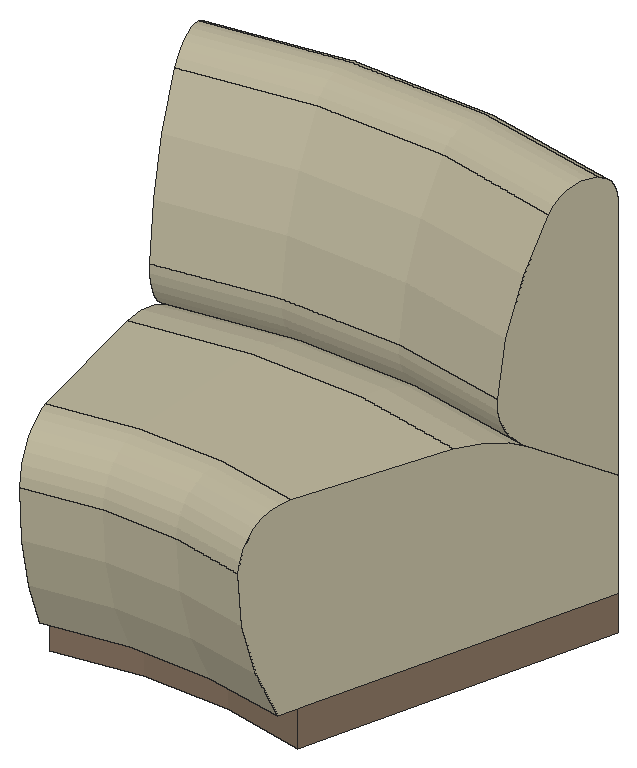
Revit family
Parameters
  URL = "http://www.martinbrattrud.com"
  SCS Certified Product = "Yes"
  Model = "La Purisima 955-01"
  Manufacturer = "Martin Brattrud, Inc."
  Leg [instance] = none
  Keynote = "125000"
  Foot [instance] = none
  Copyright = "© 2013 Martin Brattrud, Inc."
  Chair [instance] = none
  Back Cushion [instance] = none
  Authoring Version = "Revit Architecture 2010"
  Assembly Code = "E2020200"
Reference planes (in)
  plane 1 "Center Front/Back": y = 0
  plane 2: z = 0
  plane 3 "Center Left/Right": x = 0
  plane 4: through (8.58328, -12.08143, 48) normal (-0.9659, 0.2588, 0)
Forms (in)
  Revolve 1, solid, material <- "Foot"
    sketch origin (65.87985, 11.38908, 48) x (1, 0, 0) y (0, 0, 1)
      loop
        line (-80.75, -47.5) -> (-80.75, -48) -> (-80.1875, -48) -> (-80.1875, -47.875) -> (-80.5, -47.625) -> (-80.5, -47.5) -> (-80.75, -47.5)
      axis (-80.75, -48) -> (-80.75, -47.5)
    angle from 0 to 360
  Revolve 2, solid, material <- "Foot"
    sketch origin (71.68323, -10.27282, 48) x (1, 0, 0) y (0, 0, 1)
      loop
        line (-80.75, -47.5) -> (-80.75, -48) -> (-80.1875, -48) -> (-80.1875, -47.875) -> (-80.5, -47.625) -> (-80.5, -47.5) -> (-80.75, -47.5)
      axis (-80.75, -48) -> (-80.75, -47.5)
    angle from 0 to 360
  Revolve 3, solid, material <- "Leg"
    sketch origin (0, 0, 0) x (0, 1, 0) y (0, 0, 1)
      loop
        line (15.03528, 0.5) -> (15.03528, 3.5) -> (-11.21472, 3.5) -> (-11.21472, 0.5) -> (15.03528, 0.5)
      axis (-51.84205, 3.5) -> (-51.84205, 0.5)
    angle from -15 to 15
  Revolve 4, solid, material <- "Foot"
    sketch origin (-65.87985, 11.38908, 48) x (-1, 0, 0) y (0, 0, -1)
      loop
        line (-80.75, 47.5) -> (-80.5, 47.5) -> (-80.5, 47.625) -> (-80.1875, 47.875) -> (-80.1875, 48) -> (-80.75, 48) -> (-80.75, 47.5)
      axis (-80.75, 48) -> (-80.75, 47.5)
    angle from 0 to 360
  Revolve 5, solid, material <- "Foot"
    sketch origin (-71.68323, -10.27282, 48) x (-1, 0, 0) y (0, 0, -1)
      loop
        line (-80.75, 47.5) -> (-80.5, 47.5) -> (-80.5, 47.625) -> (-80.1875, 47.875) -> (-80.1875, 48) -> (-80.75, 48) -> (-80.75, 47.5)
      axis (-80.75, 48) -> (-80.75, 47.5)
    angle from 0 to 360
  Revolve 6, solid, material <- "Chair"
    sketch origin (0, 0, 0) x (0, 1, 0) y (0, 0, 1)
      loop
        line (15.03528, 3.5) -> (15.03528, 12.5) -> (8.16307, 16.82695)
        arc (8.16307, 16.82695) -> (5.01865, 18.30295) -> (1.60938, 18.96845) r 14.15054
        arc (1.60938, 18.96845) -> (-5.10046, 19.34874) -> (-11.81797, 19.55295) r 256.26414
        arc (-11.81797, 19.55295) -> (-14.8343, 18.36417) -> (-16.12658, 15.3907) r 4.23606
        arc (-16.12658, 15.3907) -> (-15.35189, 9.21302) -> (-12.87696, 3.5) r 21.99248
        line (-12.87696, 3.5) -> (15.03528, 3.5)
      axis (-51.84205, 19.55295) -> (-51.84205, 3.5)
    angle from -15 to 15
  Revolve 7, solid, material <- "Back Cushion"
    sketch origin (0, 0, 0) x (0, 1, 0) y (0, 0, 1)
      loop
        line (7.29047, 17.37636) -> (15.03528, 12.5) -> (15.03528, 33.49148)
        arc (15.03528, 33.49148) -> (14.57668, 34.85287) -> (13.38784, 35.6593) r 2.25
        arc (13.38784, 35.6593) -> (11.16011, 35.55925) -> (9.42175, 34.16251) r 3.58794
        arc (9.42175, 34.16251) -> (6.49163, 28.09178) -> (5.19761, 21.47628) r 26.35062
        arc (5.19761, 21.47628) -> (5.68013, 19.13846) -> (7.29047, 17.37636) r 4.5
      axis (-51.84205, 35.6593) -> (-51.84205, 12.5)
    angle from -15 to 15
